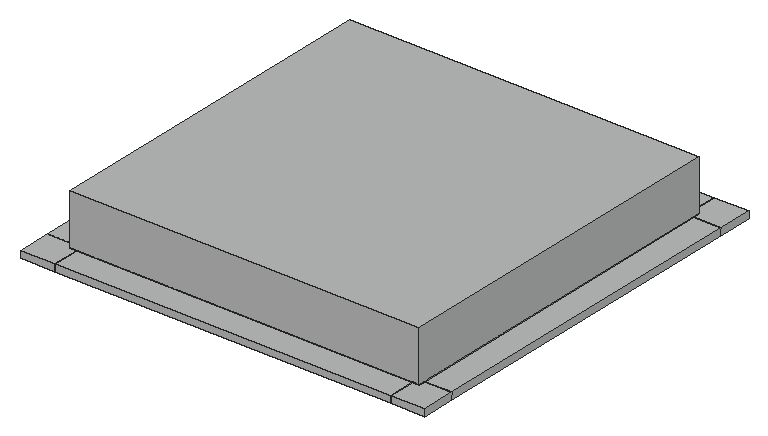
Revit family "ALUMOGIPS", category Осветительные приборы, Revit 2019 (continued)
Types (72, lengths in mm): name | Файл фотометрической сетки | built-in parameter 1150105 | Lumens | built-in parameter 1150106 | built-in parameter 1150142 | Wattage | Emit from Rectangle Width | Emit from Rectangle Length | Длина | Материал светильника | Ширина | ADSK_Ток | ADSK_Полная мощность | ADSK_Обозначение | ADSK_Номинальная мощность | ADSK_Наименование | ADSK_Масса | ADSK_Код изделия
    647 2.549 2.450 2.352 2.254 2.157 2.157 2.059 1.960 1.862 \r\n1.764 1.667 1.569 1.569 1.470 1.372 1.274 1.177 1.078 0.980 0.882 0.882 0.784 0.687 0.588 0.490 0.392 0.294 0.294 0.196 0.098 0.000 \r\n2755.907 2756.592 2751.104 2743.850 2728.264 2709.934 2687.389 2658.864 2627.007 2589.170 2545.942 2500.459 2452.036 2399.790 2343.035 2283.438 2222.565 2156.008 \r\n2088.079 2017.796 1945.750 1871.350 1794.794 1716.867 1637.076 1555.619 1473.182 1389.372 1303.113 1214.892 1128.633 1041.687 954.446 867.402 780.260 694.294 608.917 525.205 \r\n444.042 365.625 291.029 220.453 153.209 92.730 38.621 3.823 3.725 3.627 3.529 3.431 3.431 3.332 3.234 3.137 3.039 2.941 2.842 2.744 2.744 2.647 2.549 2.450 2.352 2.254 2.157 2.157 2.059 1.960 1.862 \r\n1.764 1.667 1.569 1.569 1.470 1.372 1.274 1.177 1.078 0.980 0.882 0.882 0.784 0.687 0.588 0.490 0.392 0.294 0.294 0.196 0.098 0.000 \r\n2755.907 2756.789 2751.201 2744.046 2728.558 2710.326 2687.879 2659.354 2627.693 2589.856 2546.629 2501.244 2452.820 2400.672 2343.917 2284.320 2223.545 2156.890 \r\n2089.059 2018.776 1946.730 1872.330 1795.774 1717.847 1638.056 1556.501 1474.064 1390.255 1304.093 1215.677 1129.417 1042.373 955.133 867.991 780.750 694.686 609.309 525.499 \r\n444.337 365.820 291.128 220.551 153.308 92.730 38.719 3.823 3.725 3.627 3.529 3.431 3.431 3.332 3.234 3.137 3.039 2.941 2.842 2.842 2.744 2.647 2.549 2.450 2.352 2.254 2.157 2.157 2.059 1.960 1.862 \r\n1.764 1.667 1.569 1.569 1.470 1.372 1.274 1.177 1.078 0.980 0.980 0.882 0.784 0.687 0.588 0.490 0.392 0.294 0.294 0.196 0.098 0.000 \r\n2755.907 2756.887 2751.398 2744.340 2728.852 2710.718 2688.466 2659.943 2628.281 2590.542 2547.314 2501.930 2453.605 2401.554 2344.799 2285.201 2224.525 2157.870 \r\n2090.039 2019.756 1947.710 1873.310 1796.853 1718.827 1638.939 1557.481 1474.946 1391.137 1304.975 1216.559 1130.201 1043.157 955.720 868.481 781.240 695.176 609.701 525.794 \r\n444.631 366.016 291.323 220.649 153.406 92.827 38.719 3.823 3.725 3.627 3.529 3.431 3.431 3.332 3.234 3.137 3.039 2.941 2.842 2.842 2.744 2.647 2.549 2.450 2.352 2.254 2.157 2.157 2.059 1.960 1.862 \r\n1.764 1.667 1.569 1.569 1.470 1.372 1.274 1.177 1.078 0.980 0.980 0.882 0.784 0.687 0.588 0.490 0.392 0.294 0.294 0.196 0.098 0.000 \r\n2755.907 2756.985 2751.496 2744.634 2729.244 2711.110 2688.957 2660.531 2628.967 2591.228 2548.001 2502.616 2454.389 2402.339 2345.682 2286.084 2225.506 2158.850 \r\n2091.019 2020.737 1948.690 1874.290 1797.833 1719.807 1639.919 1558.364 1475.926 1392.019 1305.955 1217.343 1130.887 1043.843 956.407 869.069 781.730 695.568 610.093 526.185 \r\n444.827 366.213 291.519 220.747 153.406 92.925 38.817 3.823 3.725 3.627 3.529 3.431 3.431 3.332 3.234 3.137 3.039 2.941 2.842 2.842 2.744 2.647 2.549 2.450 2.352 2.254 2.254 2.157 2.059 1.960 1.862 \r\n1.764 1.667 1.569 1.569 1.470 1.372 1.274 1.177 1.078 0.980 0.980 0.882 0.784 0.687 0.588 0.490 0.392 0.294 0.294 0.196 0.098 0.000 \r\n2755.907 2757.083 2751.594 2744.830 2729.539 2711.502 2689.545 2661.021 2629.654 2591.915 2548.687 2503.401 2455.271 2403.221 2346.564 2286.966 2226.486 2159.733 \r\n2091.999 2021.619 1949.769 1875.369 1798.813 1720.787 1640.899 1559.344 1476.809 1392.804 1306.837 1218.128 1131.672 1044.529 957.093 869.656 782.319 696.058 610.485 526.479 \r\n445.121 366.408 291.618 220.845 153.503 92.925 38.915 3.823 3.725 3.627 3.529 3.529 3.431 3.332 3.234 3.137 3.039 2.941 2.842 2.842 2.744 2.647 2.549 2.450 2.352 2.254 2.254 2.157 2.059 1.960 1.862 \r\n1.764 1.667 1.569 1.569 1.470 1.372 1.274 1.177 1.078 0.980 0.980 0.882 0.784 0.687 0.588 0.490 0.392 0.294 0.294 0.196 0.098 0.000 \r\n2755.907 2757.180 2751.691 2745.124 2729.832 2711.992 2690.035 2661.608 2630.339 2592.601 2549.373 2504.086 2456.055 2404.103 2347.348 2287.848 2227.466 2160.713 \r\n2092.980 2022.599 1950.749 1876.349 1799.793 1721.768 1641.879 1560.226 1477.691 1393.686 1307.720 1219.010 1132.456 1045.215 957.681 870.245 782.809 696.548 610.877 526.774 \r\n445.414 366.605 291.813 220.943 153.601 93.024 38.915 3.823 3.725 3.627 3.529 3.529 3.431 3.332 3.234 3.137 3.039 2.941 2.842 2.842 2.744 2.647 2.549 2.450 2.352 2.254 2.254 2.157 2.059 1.960 1.862 \r\n1.764 1.667 1.569 1.569 1.470 1.372 1.274 1.177 1.078 0.980 0.980 0.882 0.784 0.687 0.588 0.490 0.392 0.294 0.294 0.196 0.098 0.000 \r\n2755.907 2757.279 2751.789 2745.418 2730.127 2712.384 2690.525 2662.197 2631.026 2593.287 2550.059 2504.871 2456.839 2404.985 2348.231 2288.730 2228.446 2161.694 \r\n2093.960 2023.579 1951.729 1877.329 1800.774 1722.846 1642.860 1561.207 1478.672 1394.568 1308.701 1219.793 1133.142 1046.000 958.367 870.833 783.299 696.941 611.269 527.067 \r\n445.709 366.800 292.010 221.041 153.700 93.024 39.013 3.823 3.725 3.627 3.529 3.529 3.431 3.332 3.234 3.137 3.039 2.941 2.941 2.842 2.744 2.647 2.549 2.450 2.352 2.254 2.254 2.157 2.059 1.960 1.862 \r\n1.764 1.667 1.569 1.569 1.470 1.372 1.274 1.177 1.078 0.980 0.980 0.882 0.784 0.687 0.588 0.490 0.392 0.294 0.294 0.196 0.098 0.000 \r\n2755.907 2757.475 2751.986 2745.615 2730.420 2712.777 2691.113 2662.785 2631.614 2593.973 2550.648 2505.556 2457.624 2405.770 2349.113 2289.612 2229.426 2162.576 \r\n2094.842 2024.559 1952.709 1878.309 1801.754 1723.826 1643.742 1562.089 1479.554 1395.450 1309.583 1220.578 1133.926 1046.685 958.956 871.421 783.789 697.431 611.661 527.459 \r\n445.905 366.997 292.108 221.237 153.798 93.122 39.013 3.823 3.725 3.627 3.529 3.529 3.431 3.332 3.234 3.137 3.039 2.941 2.941 2.842 2.744 2.647 2.549 2.450 2.352 2.254 2.254 2.157 2.059 1.960 1.862 \r\n1.764 1.667 1.667 1.569 1.470 1.372 1.274 1.177 1.078 0.980 0.980 0.882 0.784 0.687 0.588 0.490 0.392 0.294 0.294 0.196 0.098 0.000 \r\n2755.907 2757.573 2752.084 2745.908 2730.715 2713.169 2691.603 2663.275 2632.300 2594.659 2551.333 2506.341 2458.408 2406.652 2349.995 2290.495 2230.407 2163.556 \r\n2095.822 2025.539 1953.788 1879.388 1802.734 1724.806 1644.722 1563.069 1480.436 1396.332 1310.465 1221.460 1134.711 1047.372 959.642 872.010 784.279 697.921 612.053 527.754 \r\n446.199 367.193 292.303 221.335 153.798 93.122 39.111 3.823 3.725 3.627 3.627 3.529 3.431 3.332 3.234 3.137 3.039 2.941 2.941 2.842 2.744 2.647 2.549 2.450 2.352 2.254 2.254 2.157 2.059 1.960 1.862 \r\n1.764 1.667 1.667 1.569 1.470 1.372 1.274 1.177 1.078 0.980 0.980 0.882 0.784 0.687 0.588 0.490 0.392 0.294 0.294 0.196 0.098 0.000 \r\n2755.907 2757.671 2752.181 2746.202 2731.009 2713.561 2692.094 2663.863 2632.986 2595.346 2552.020 2507.027 2459.192 2407.534 2350.877 2291.377 2231.387 2164.536 \r\n2096.802 2026.520 1954.768 1880.368 1803.714 1725.787 1645.702 1563.951 1481.416 1397.215 1311.445 1222.245 1135.396 1048.058 960.229 872.500 784.867 698.313 612.446 528.048 \r\n446.493 367.487 292.500 221.433 153.896 93.220 39.209 3.823 3.725 3.627 3.627 3.529 3.431 3.332 3.234 3.137 3.039 2.941 2.941 2.842 2.744 2.647 2.549 2.450 2.352 2.254 2.254 2.157 2.059 1.960 1.862 \r\n1.764 1.667 1.667 1.569 1.470 1.372 1.274 1.177 1.078 0.980 0.980 0.882 0.784 0.687 0.588 0.490 0.392 0.294 0.294 0.196 0.098 0.000 \r\n2755.907 2757.769 2752.279 2746.497 2731.302 2713.953 2692.682 2664.452 2633.673 2596.031 2552.705 2507.713 2459.976 2408.417 2351.759 2292.259 2232.368 2165.418 \r\n2097.782 2027.403 1955.748 1881.348 1804.694 1726.767 1646.682 1564.931 1482.299 1398.097 1312.327 1223.029 1136.181 1048.842 960.916 873.088 785.357 698.803 612.838 528.342 \r\n446.788 367.683 292.598 221.532 153.993 93.220 39.209 3.823 3.725 3.627 3.627 3.529 3.431 3.332 3.234 3.137 3.039 2.941 2.941 2.842 2.744 2.647 2.549 2.450 2.352 2.352 2.254 2.157 2.059 1.960 1.862 \r\n1.764 1.667 1.667 1.569 1.470 1.372 1.274 1.177 1.078 0.980 0.980 0.882 0.784 0.687 0.588 0.490 0.392 0.294 0.294 0.196 0.098 0.000 \r\n2755.907 2757.867 2752.378 2746.692 2731.695 2714.443 2693.172 2665.040 2634.358 2596.718 2553.392 2508.497 2460.760 2409.200 2352.642 2293.141 2233.348 2166.398 \r\n2098.763 2028.383 1956.728 1882.328 1805.773 1727.747 1647.662 1565.814 1483.181 1398.881 1313.307 1223.911 1136.965 1049.529 961.603 873.675 785.848 699.195 613.230 528.734 \r\n446.983 367.879 292.793 221.629 154.091 93.317 39.307 3.823 3.725 3.627 3.627 3.529 3.431 3.332 3.234 3.137 3.039 2.941 2.941 2.842 2.744 2.647 2.549 2.450 2.352 2.352 2.254 2.157 2.059 1.960 1.862 \r\n1.764 1.667 1.667 1.569 1.470 1.372 1.274 1.177 1.078 0.980 0.980 0.882 0.784 0.687 0.588 0.490 0.392 0.294 0.294 0.196 0.098 0.000 \r\n2755.907 2757.965 2752.574 2746.987 2731.989 2714.835 2693.662 2665.530 2635.045 2597.404 2554.078 2509.184 2461.545 2410.082 2353.524 2294.024 2234.328 2167.378 \r\n2099.743 2029.363 1957.708 1883.309 1806.753 1728.727 1648.643 1566.794 1484.161 1399.764 1314.190 1224.695 1137.651 1050.214 962.190 874.264 786.338 699.685 613.621 529.028 \r\n447.278 368.075 292.990 221.727 154.190 93.415 39.405 3.823 3.725 3.627 3.627 3.529 3.431 3.332 3.234 3.137 3.039 3.039 2.941 2.842 2.744 2.647 2.549 2.450 2.352 2.352 2.254 2.157 2.059 1.960 1.862 \r\n1.764 1.667 1.667 1.569 1.470 1.372 1.274 1.177 1.078 0.980 0.980 0.882 0.784 0.687 0.588 0.490 0.392 0.294 0.294 0.196 0.098 0.000 \r\n2755.907 2758.161 2752.671 2747.280 2732.283 2715.227 2694.250 2666.117 2635.633 2598.090 2554.764 2509.967 2462.329 2410.964 2354.406 2294.906 2235.309 2168.359 \r\n2100.625 2030.343 1958.787 1884.387 1807.733 1729.707 1649.525 1567.676 1485.043 1400.646 1315.072 1225.479 1138.435 1050.901 962.876 874.852 786.926 700.176 614.013 529.323 \r\n447.571 368.272 293.088 221.825 154.190 93.415 39.405 3.823 3.725 3.725 3.627 3.529 3.431 3.332 3.234 3.137 3.039 3.039 2.941 2.842 2.744 2.647 2.549 2.450 2.352 2.352 2.254 2.157 2.059 1.960 1.862 \r\n1.764 1.667 1.667 1.569 1.470 1.372 1.274 1.177 1.078 0.980 0.980 0.882 0.784 0.687 0.588 0.490 0.392 0.294 0.294 0.196 0.098 0.000 \r\n2755.907 2758.259 2752.770 2747.477 2732.577 2715.619 2694.741 2666.706 2636.319 2598.776 2555.352 2510.654 2463.113 2411.749 2355.190 2295.788 2236.289 2169.241 \r\n2101.605 2031.323 1959.767 1885.367 1808.713 1730.687 1650.505 1568.656 1485.925 1401.528 1316.052 1226.361 1139.219 1051.684 963.465 875.440 787.416 700.567 614.406 529.616 \r\n447.866 368.467 293.283 221.923 154.288 93.514 39.504 3.823 3.725 3.725 3.627 3.529 3.431 3.332 3.234 3.137 3.039 3.039 2.941 2.842 2.744 2.647 2.549 2.450 2.352 2.352 2.254 2.157 2.059 1.960 1.862 \r\n1.764 1.667 1.667 1.569 1.470 1.372 1.274 1.177 1.078 0.980 0.980 0.882 0.784 0.687 0.588 0.490 0.392 0.294 0.294 0.196 0.098 0.000 \r\n2755.907 2758.357 2752.868 2747.770 2732.871 2716.011 2695.329 2667.294 2637.005 2599.462 2556.039 2511.438 2463.897 2412.631 2356.072 2296.670 2237.269 2170.221 \r\n2102.585 2032.205 1960.747 1886.347 1809.694 1731.668 1651.485 1569.538 1486.905 1402.410 1316.934 1227.146 1139.905 1052.371 964.150 876.029 787.906 701.057 614.798 530.008 \r\n448.061 368.663 293.480 222.022 154.386 93.514 39.504 3.823 3.725 3.725 3.627 3.529 3.431 3.332 3.234 3.137 3.039 3.039 2.941 2.842 2.744 2.647 2.549 2.450 2.352 2.352 2.254 2.157 2.059 1.960 1.862 \r\n1.764 1.667 1.667 1.569 1.470 1.372 1.274 1.177 1.078 0.980 0.980 0.882 0.784 0.687 0.588 0.490 0.392 0.294 0.294 0.196 0.098 0.000 \r\n2755.907 2758.455 2753.064 2748.065 2733.166 2716.501 2695.819 2667.784 2637.692 2600.247 2556.724 2512.124 2464.681 2413.513 2356.954 2297.552 2238.249 2171.202 \r\n2103.565 2033.186 1961.727 1887.328 1810.674 1732.648 1652.465 1570.518 1487.788 1403.292 1317.816 1227.930 1140.689 1053.058 964.837 876.519 788.396 701.548 615.190 530.303 \r\n448.356 368.859 293.578 222.119 154.483 93.612 39.601 3.823 3.725 3.725 3.627 3.529 3.431 3.332 3.234 3.137 3.039 3.039 2.941 2.842 2.744 2.647 2.549 2.450 2.352 2.352 2.254 2.157 2.059 1.960 1.862 \r\n1.764 1.667 1.667 1.569 1.470 1.372 1.274 1.177 1.078 0.980 0.980 0.882 0.784 0.687 0.588 0.490 0.392 0.294 0.294 0.196 0.098 0.000 \r\n2755.907 2758.554 2753.161 2748.260 2733.459 2716.893 2696.309 2668.372 2638.377 2600.932 2557.411 2512.908 2465.466 2414.396 2357.836 2298.435 2239.229 2172.084 \r\n2104.547 2034.166 1962.708 1888.308 1811.654 1733.628 1653.446 1571.400 1488.670 1404.175 1318.796 1228.811 1141.474 1053.841 965.425 877.106 788.985 701.940 615.582 530.596 \r\n448.650 369.055 293.774 222.217 154.582 93.612 39.699 3.823 3.823 3.725 3.627 3.529 3.431 3.332 3.234 3.137 3.137 3.039 2.941 2.842 2.744 2.647 2.549 2.450 2.450 2.352 2.254 2.157 2.059 1.960 1.862 \r\n1.764 1.764 1.667 1.569 1.470 1.372 1.274 1.177 1.078 1.078 0.980 0.882 0.784 0.687 0.588 0.490 0.392 0.392 0.294 0.196 0.098 0.000 \r\n" | 51.164 W | 275 | 1175 | 1195 | RAL 9001 | 295 | 0.359168 A | 82.6087 VA | "Alumogips-76/opal-sand 295х1195 (IP40, 4000К, белый)" | 76 W | "Встраиваемый светодиодный светильник Alumogips-76/opal-sand 295х1195 (IP40, 4000К, белый)" | 2.5 | "ЦБ000007455"
